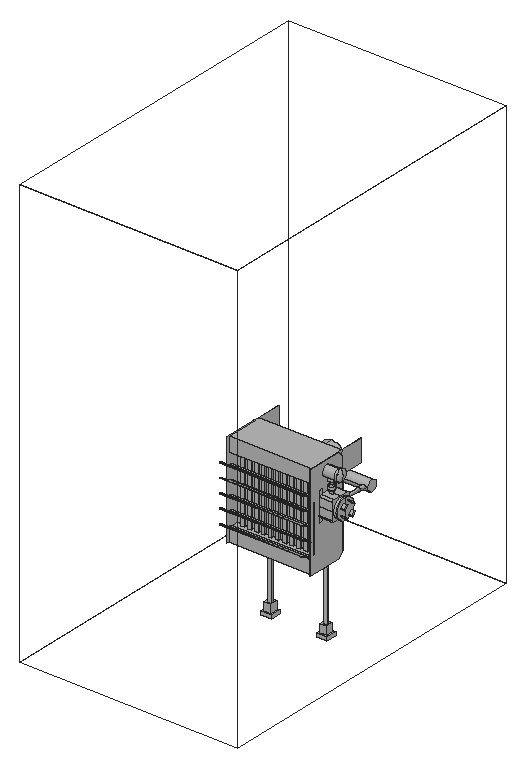
Revit family "Heater-BERKO-Explosion_Proof_Unit", category Mechanical Equipment, host Face, Revit 2020
Family settings
  Host = Face
  Round Connector Dimension = Use Diameter
  Classification = None
  Part Type = Normal
  Cut with Voids When Loaded = No
  Shared = No
  Room Calculation Point = No
Parameters (values of type "RUX-233-FC-0256I")
  Watts = 25000 W
  Wall Mounting [instance] = no
  Clearance On [instance] = yes
  Voltage = 415 V
  Version = "2020 - v1.0a"  # constant formula
  URL = "https://www.marleymep.com/"
  Total Heating Capacity = 85303.0 Btu/h
  Shipping Weight = "216 lbs"
  Product Page URL = "https://www.marleymep.com/products/berko/rux-series-explosion-proof-unit-heater-gen2-new"
  Product Name = "RUX Series Explosion-Proof Unit Heater Gen2"  # constant formula
  Product Documentation Link = "https://www.marleymep.com/system/files/node/file/field-file/Submittal_ExplosionProof-Unit-HEP-B_2024-04-2_v1-Fillable.pdf"
  Power Factor = 1
  Pole Mounting [instance] = Wall Mounting  # no
  Phase = 3
  Number of Poles = 1
  Motor RPM = "1438 RPM"
  Motor HP = 0.5
  Model = "RUX-233-FC-0256I"
  Manufacturer = "Marley® Engineered Products"  # constant formula
  MW Height = 0' - 5"
  MH Height = 1' - 7 1/16"
  Length = 1' - 10 3/4"
  Instruction Sheet Link = "https://www.marleymep.com/system/files/node/file/field-file/Explosion%20Proof%20Unit%20Heater%20Instruction%20Manual_Berko.pdf"
  Height = 2' - 3 3/8"
  Frequency = 50 Hz
  Frame Size 3 = yes
  Frame Size 2 = no
  Frame Size 1 = yes
  Fan Blade Diameter = 1' - 8"
  Description = "Proof Unit Heater"  # constant formula
  Depth = 2' - 0 3/16"
  Default Elevation = 4' - 0"
  Copyright = "© 2015-2024, Marley Engineered Products"  # constant formula
  Classification = "50 Hz Models/Class I, Divisions 1 and 2, Groups C & D/Class II, Divisions 1 and 2, Groups E, F & G/Class I, Zones 1 and 2, Group II"
  Ceiling Mounting [instance] = yes
  Material = Berko - Stainless Steel - Beige
  Built in Opt - Thermostat [instance] = no
  Built in Opt - Disconnect Switch [instance] = no
  Built in Opt - Auto Fan Selector Switch [instance] = yes
  Built in Opt - 120V Control Circuit [instance] = no
  Amps = 36 A
  Air Flow - Throw = 4' - 9"
  Actual Supply Air Flow = 2600 CFM
Reference planes (in)
  plane 1 "Center (Front/Back)": y = 0
  plane 2: z = 0
  plane 3 "Center (Left/Right)": x = 0
  plane 4: y = -27.375
  plane 5: z = 5
  plane 6: x = -9.53125
  plane 7: x = 9.53125
  plane 8: z = 45.375
  plane 9: z = 18
  plane 10: z = 141.375
  plane 11: x = 40.01412
  plane 12: y = -76.57813
  plane 13: y = 19.17187
Forms (in)
  SweptBlend 1, solid, material "Berko - Stainless Steel - Beige" <- "Material", visible <- "Wall Mounting"
    path origin (0, 0, 0) x (0, 1, 0) y (0, 0, 1)
      loop
        line (0, 0) -> (0, 15.41)
    profile origin (0, 0, 0) x (0, -1, 0) y (1, 0, 0)
      loop
        line (-4, -3) -> (0, -3) -> (0, -2.6) -> (-0.07812, -2.6) -> (-0.07812, -2.92187) -> (-3.92187, -2.92187) -> (-3.92187, 2.92187) -> (-0.07812, 2.92187) -> (-0.07812, 2.6) -> (0, 2.6) -> (0, 3) -> (-4, 3) -> (-4, -3)
    end profile origin (0, 0, 15.41) x (0, -1, 0) y (1, 0, 0)
      loop
        line (-2.32, -3) -> (0, -3) -> (0, -2.6) -> (-0.07813, -2.6) -> (-0.07813, -2.92188) -> (-2.24187, -2.92188) -> (-2.24187, 2.92188) -> (-0.07813, 2.92188) -> (-0.07813, 2.6) -> (0, 2.6) -> (0, 3) -> (-2.32, 3) -> (-2.32, -3)
  Extrusion 2, solid, material "Berko - Stainless Steel - Beige" <- "Material", visible <- "Ceiling Mounting"
    sketch origin (-12.0625, -2.5, 0) x (1, 0, 0) y (0, 1, 0)
      loop
        line (0, 4) -> (-3, 4) -> (-3, 1) -> (0, 1) -> (0, 4)
    from 0 to 1
  Extrusion 3, solid, material "Berko - Stainless Steel - Beige" <- "Material", visible <- "Ceiling Mounting"
    sketch origin (-4.03125, 0, 0) x (1, 0, 0) y (0, 1, 0)
      loop
        line (-10.53125, 1) -> (-10.53125, -1) -> (-8.53125, -1) -> (-8.53125, 1) -> (-10.53125, 1)
    from 1 to 3.36477
  Extrusion 4, solid, material "Berko - Stainless Steel - Beige" <- "Material", visible <- "Ceiling Mounting"
    sketch origin (-4.03125, 0, 0) x (1, 0, 0) y (0, 1, 0)
      loop
        circle (-9.53125, 0) r 0.5
    from 0 to 18
  Extrusion 5, solid, material "Berko - Stainless Steel - Beige" <- "Material", visible <- "Ceiling Mounting"
    sketch origin (1, -2.5, 0) x (-1, 0, 0) y (0, -1, 0)
      loop
        line (0, -4) -> (0, -1) -> (-3, -1) -> (-3, -4) -> (0, -4)
    from 0 to 1
  Extrusion 6, solid, material "Berko - Stainless Steel - Beige" <- "Material", visible <- "Ceiling Mounting"
    sketch origin (-7.03125, 0, 0) x (-1, 0, 0) y (0, -1, 0)
      loop
        line (-10.53125, -1) -> (-8.53125, -1) -> (-8.53125, 1) -> (-10.53125, 1) -> (-10.53125, -1)
    from 1 to 3.36477
  Extrusion 7, solid, material "Berko - Stainless Steel - Beige" <- "Material", visible <- "Ceiling Mounting"
    sketch origin (-7.03125, 0, 0) x (-1, 0, 0) y (0, -1, 0)
      loop
        circle (-9.53125, 0) r 0.5
    from 0 to 18
Cuts and joins
  joined: Extrusion 2, Extrusion 3, Extrusion 4
Dimensions and locks (in)
  SweptBlend 1 sketch curve to SweptBlend 1 sketch curve to SweptBlend 1 sketch curve to SweptBlend 1 sketch curve to SweptBlend 1 sketch curve = 0' - 0 5/64" locked, 0' - 0.32187" locked, 0' - 5.2", 0' - 0.32187" locked
  SweptBlend 1 sketch curve to SweptBlend 1 sketch curve to SweptBlend 1 sketch curve to SweptBlend 1 sketch curve = 0' - 0" locked, 0' - 3 27/32" locked, 0' - 0 5/64" locked
  SweptBlend 1 sketch curve to SweptBlend 1 sketch curve to SweptBlend 1 sketch curve to SweptBlend 1 sketch curve to SweptBlend 1 sketch curve to SweptBlend 1 sketch curve = 0' - 0 5/64" locked, 0' - 0.32188" locked, 0' - 5.2", 0' - 0.32188" locked, 0' - 0 5/64" locked
  SweptBlend 1 sketch curve to SweptBlend 1 sketch curve to SweptBlend 1 sketch curve to SweptBlend 1 sketch curve = 0' - 0 5/64" locked, 0' - 2.16375" locked, 0' - 0" locked
  "MW Height": host face to plane 5
  "Depth": nested 1 to plane 5
  "Height": plane 4 to plane 1 "Center (Front/Back)"
  plane 6 to Extrusion 4 sketch curve = 0' - 4 1/32"
  Extrusion 7 sketch curve to plane 7 = 0' - 7 1/32"
  equal spacing: plane 6, plane 3 "Center (Left/Right)", plane 7
  "MH Height": plane 6 to plane 7
  "Height": plane 9 to plane 8
  locked: host face to plane 9 at 18
  locked: plane 10 to plane 8 at 96
  locked: plane 1 "Center (Front/Back)" to plane 12 at 76.57812
  locked: plane 13 to plane 1 "Center (Front/Back)" at 19.17187
  locked: plane 11 to nested 2 at 32
  aligned and locked: plane 2 to host face
  aligned and locked: level to host face
  aligned and locked: plane 5 to nested 1
  aligned and locked: nested 1 to plane 1 "Center (Front/Back)"
  aligned and locked: Extrusion 3 to Extrusion 2
  aligned and locked: Extrusion 5 to Extrusion 6
Automatic sketch dimensions
  host sketch curve to host sketch curve = 8' - 0"  (x2)
  SweptBlend 1 sketch curve to plane 1 "Center (Front/Back)" = 0' - 0"
  SweptBlend 1 sketch curve to level = 0' - 0"
  SweptBlend 1 sketch curve to plane 5 = 0' - 10.41"
  SweptBlend 1 sketch curve to profile plane = 0' - 0"  (x4)
  profile plane to SweptBlend 1 sketch curve = 0' - 0 5/64"  (x2)
  SweptBlend 1 sketch curve to profile plane = 0' - 3"  (x2)
  SweptBlend 1 sketch curve to SweptBlend 1 sketch curve = 0' - 0 5/64"
  Extrusion 2 sketch curve to plane 6 = 0' - 5 17/32"
  Extrusion 2 sketch curve to plane 6 = 0' - 2 17/32"
  plane 1 "Center (Front/Back)" to Extrusion 2 sketch curve = 0' - 1 1/2"
  Extrusion 2 sketch curve to plane 1 "Center (Front/Back)" = 0' - 1 1/2"
  Extrusion 3 sketch curve to plane 6 = 0' - 5 1/32"
  Extrusion 3 sketch curve to plane 6 = 0' - 3 1/32"
  plane 1 "Center (Front/Back)" to Extrusion 3 sketch curve = 0' - 1"
  Extrusion 3 sketch curve to plane 1 "Center (Front/Back)" = 0' - 1"
  plane 1 "Center (Front/Back)" to Extrusion 4 sketch curve = 0' - 0"
  Extrusion 5 sketch curve to plane 7 = 0' - 5 17/32"
  Extrusion 5 sketch curve to plane 7 = 0' - 8 17/32"
  Extrusion 5 sketch curve to plane 1 "Center (Front/Back)" = 0' - 1 1/2"
  plane 1 "Center (Front/Back)" to Extrusion 5 sketch curve = 0' - 1 1/2"
  Extrusion 6 sketch curve to plane 7 = 0' - 6 1/32"
  Extrusion 6 sketch curve to plane 7 = 0' - 8 1/32"
  Extrusion 6 sketch curve to plane 1 "Center (Front/Back)" = 0' - 1"
  plane 1 "Center (Front/Back)" to Extrusion 6 sketch curve = 0' - 1"
  plane 1 "Center (Front/Back)" to Extrusion 7 sketch curve = 0' - 0"
  radius of Extrusion 4 sketch curve = 0' - 0 1/2"
  radius of Extrusion 7 sketch curve = 0' - 0 1/2"
Nested families (in)
  nested 1: "Unit_Heater" at (-17.17187, -27.375, 29.1875) x (1, 0, 0) z (0, 1, 0), visible <- "Wall Mounting", X Side View <- "Length", Y Front View <- "Height", Z Front View <- "Depth", Frame Size 1 <- "Frame Size 1", Frame Size 2 <- "Frame Size 2", Frame Size 3 <- "Frame Size 3", Wall Mount  Clearance On <- "Clearance On", type "Frame Size 1"
    with Z Front View 2' - 0 3/16", Y Front View 2' - 3 3/8", X Side View 1' - 10 3/4", Wall Mount  Clearance On yes, Frame Size 3 yes, Frame Size 2 no, Frame Size 1 yes, C_ X Side View 0' - 11 13/32"
  nested 2: "Unit_Heater" at (2.5, 17.17187, 45.375) x (0, -1, 0) z (0, 0, -1), X Side View <- "Length", Y Front View <- "Height", Z Front View <- "Depth", visible <- "Ceiling Mounting", Frame Size 1 <- "Frame Size 1", Frame Size 2 <- "Frame Size 2", Frame Size 3 <- "Frame Size 3", Wall Mount  Clearance On <- "Clearance On", type "Frame Size 1"
    with Z Front View 2' - 0 3/16", Y Front View 2' - 3 3/8", X Side View 1' - 10 3/4", Wall Mount  Clearance On yes, Frame Size 3 yes, Frame Size 2 no, Frame Size 1 yes, C_ X Side View 0' - 11 13/32"
Connectors (in)
  electrical at (0, 0, 0)
    settings: index 1, voltage 0 V, apparent load 0 VA, apparent load phase1 0 VA, apparent load phase2 0 VA, apparent load phase3 0 VA, power factor 1, load classification "HVAC", number of poles 1, system type 31, power factor state 1, is connector primary yes, connector utility no, sub classification motor no, connector description ""
Definition of nested family "Unit_Heater"
  Parameters (values of type "Frame Size 1")
    Z Front View [instance] = 1' - 4 1/16"
    Y Front View [instance] = 1' - 7 3/8"
    X Side View [instance] = 1' - 9 3/4"
    Wall Mount  Clearance On [instance] = yes
    Materials = none
    Frame Size 3 [instance] = no
    Frame Size 2 [instance] = no
    Frame Size 1 [instance] = yes
    Default Elevation = 4' - 0"
    C_ X Side View [instance] = X Side View - 0' 11 11/32"  # 0' - 10 13/32"
  Reference planes (in)
    plane 1 "Center (Front/Back)": y = 0
    plane 2: z = 0
    plane 3 "Center (Left/Right)": x = 0
    plane 4: x = 21.75
    plane 5: y = 16.0625
    plane 6: z = 19.375
    plane 7: y = -6.75
    plane 8: x = 11.34375
    plane 9: y = 18.0625
    plane 10: y = -36.75
    plane 11: z = -96
    plane 12: x = -2
    plane 13: x = 93.75
  Forms (in)
    Extrusion 1, solid
      sketch origin (0, 0, 0) x (1, 0, 0) y (0, 1, 0)
        loop
          line (-48, 48) -> (-48, -48) -> (48, -48) -> (48, 48) -> (-48, 48)
      from 0 to -12
    Extrusion 2, solid, material <- "Materials", detail levels fine
      sketch origin (-261.40257, 12, -3.62552) x (1, 0, 0) y (0, 0, 1)
        loop
          line (283.15257, 3.62552) -> (283.15257, 23.00052) -> (273.99632, 23.00052) -> (272.74632, 21.75052) -> (272.74632, 4.88034) -> (273.99632, 3.62552) -> (283.15257, 3.62552)
      from 11.875 to 12
    Extrusion 3, solid, material <- "Materials", detail levels fine
      sketch origin (-261.40257, 27.9375, -3.62552) x (1, 0, 0) y (0, 0, 1)
        loop
          line (283.15257, 3.62552) -> (283.15257, 23.00052) -> (273.99632, 23.00052) -> (272.74632, 21.75052) -> (272.74632, 4.88034) -> (273.99632, 3.62552) -> (283.15257, 3.62552)
      from 11.875 to 12
    Extrusion 4, solid, material <- "Materials", detail levels fine
      sketch origin (10.8798, 0, 0) x (1, 0, 0) y (0, 0, 1)
        loop
          line (1.71395, 19.375) -> (0.46395, 18.125) -> (0.46395, 0) -> (10.3702, 0) -> (10.3702, 3.95031) -> (8.8702, 4.95031) -> (7.3702, 4.95031) -> (7.3702, 15.425) -> (10.3702, 15.425) -> (10.3702, 19.375) -> (1.71395, 19.375)
      from -15.9375 to -0.125
    Extrusion 5, solid, material <- "Materials", visible <- "Frame Size 1", detail levels fine
      sketch origin (10.8798, 0, -3.95) x (1, 0, 0) y (0, 0, 1)
        loop
          line (10.3702, 15.175) -> (9.8702, 15.175) -> (9.8702, 15.05) -> (10.3702, 15.05) -> (13.46556, 13.26289) -> (13.46556, 13.38789) -> (10.3702, 15.175)
      from -15.9375 to -0.125
    Extrusion 6, solid, material <- "Materials", visible <- "Frame Size 1", detail levels fine
      sketch origin (10.8798, 0, -7.9) x (1, 0, 0) y (0, 0, 1)
        loop
          line (10.3702, 15.175) -> (9.8702, 15.175) -> (9.8702, 15.05) -> (10.3702, 15.05) -> (13.46556, 13.26289) -> (13.46556, 13.38789) -> (10.3702, 15.175)
      from -15.9375 to -0.125
    Extrusion 7, solid, material <- "Materials", visible <- "Frame Size 1", detail levels fine
      sketch origin (10.8798, 0, 4) x (1, 0, 0) y (0, 0, 1)
        loop
          line (10.3702, 11.175) -> (9.8702, 11.175) -> (9.8702, 11.05) -> (10.3702, 11.05) -> (13.46556, 9.26289) -> (13.46556, 9.38789) -> (10.3702, 11.175)
      from -15.9375 to -0.125
    Extrusion 8, solid, material <- "Materials", visible <- "Frame Size 2", detail levels fine
      sketch origin (10.8798, 0, 12) x (1, 0, 0) y (0, 0, 1)
        loop
          line (10.3702, 3.175) -> (9.8702, 3.175) -> (9.8702, 3.05) -> (10.3702, 3.05) -> (13.46556, 1.26289) -> (13.46556, 1.38789) -> (10.3702, 3.175)
      from -20.0625 to -0.125
    Extrusion 9, solid, material <- "Materials", visible <- "Frame Size 3", detail levels fine
      sketch origin (10.8798, 0, -20.05) x (1, 0, 0) y (0, 0, 1)
        loop
          line (10.3702, 31.175) -> (9.8702, 31.175) -> (9.8702, 31.05) -> (10.3702, 31.05) -> (13.46556, 29.26289) -> (13.46556, 29.38789) -> (10.3702, 31.175)
      from -24.0625 to -0.125
    Extrusion 10, solid, material <- "Materials", detail levels fine
      sketch origin (10.8798, 0.5, 0) x (1, 0, 0) y (0, 1, 0)
        loop
          line (7.3702, 1.125) -> (8.1202, 0.625) -> (8.1202, 1.625) -> (7.3702, 2.125) -> (7.3702, 1.125)
      from 4.95031 to 15.425
    Extrusion 11, solid, material <- "Materials", detail levels fine
      sketch origin (10.8798, 2.5, 0) x (1, 0, 0) y (0, 1, 0)
        loop
          line (7.3702, 1.125) -> (8.1202, 0.625) -> (8.1202, 1.625) -> (7.3702, 2.125) -> (7.3702, 1.125)
      from 4.95031 to 15.425
    Extrusion 12, solid, material <- "Materials", detail levels fine
      sketch origin (10.8798, 4.5, 0) x (1, 0, 0) y (0, 1, 0)
        loop
          line (7.3702, 1.125) -> (8.1202, 0.625) -> (8.1202, 1.625) -> (7.3702, 2.125) -> (7.3702, 1.125)
      from 4.95031 to 15.425
    Extrusion 13, solid, material <- "Materials", detail levels fine
      sketch origin (10.8798, 6.5, 0) x (1, 0, 0) y (0, 1, 0)
        loop
          line (7.3702, 1.125) -> (8.1202, 0.625) -> (8.1202, 1.625) -> (7.3702, 2.125) -> (7.3702, 1.125)
      from 4.95031 to 15.425
    Extrusion 14, solid, material <- "Materials", detail levels fine
      sketch origin (10.8798, 8.5, 0) x (1, 0, 0) y (0, 1, 0)
        loop
          line (7.3702, 1.125) -> (8.1202, 0.625) -> (8.1202, 1.625) -> (7.3702, 2.125) -> (7.3702, 1.125)
      from 4.95031 to 15.425
    Extrusion 15, solid, material <- "Materials", detail levels fine
      sketch origin (10.8798, 10.5, 0) x (1, 0, 0) y (0, 1, 0)
        loop
          line (7.3702, 1.125) -> (8.1202, 0.625) -> (8.1202, 1.625) -> (7.3702, 2.125) -> (7.3702, 1.125)
      from 4.95031 to 15.425
    Extrusion 16, solid, material <- "Materials", detail levels fine
      sketch origin (10.8798, 12.5, 0) x (1, 0, 0) y (0, 1, 0)
        loop
          line (7.3702, 1.125) -> (8.1202, 0.625) -> (8.1202, 1.625) -> (7.3702, 2.125) -> (7.3702, 1.125)
      from 4.95031 to 15.425
    Extrusion 17, solid, material <- "Materials", visible <- "Frame Size 3", detail levels fine
      sketch origin (10.8798, 2.5, -8) x (1, 0, 0) y (0, 1, 0)
        loop
          line (8.3702, 9.25) -> (9.1202, 8.75) -> (9.1202, 9.75) -> (8.3702, 10.25) -> (8.3702, 9.25)
      from 4.95031 to 23.425
    Extrusion 18, solid, material <- "Materials", visible <- "Frame Size 3", detail levels fine
      sketch origin (10.8798, 20.75, -8) x (1, 0, 0) y (0, 1, 0)
        loop
          line (8.3702, -11.125) -> (9.1202, -11.625) -> (9.1202, -10.625) -> (8.3702, -10.125) -> (8.3702, -11.125)
      from 4.95031 to 23.425
    Extrusion 19, solid, material <- "Materials", visible <- "Frame Size 3", detail levels fine
      sketch origin (10.8798, 8.5, -8) x (1, 0, 0) y (0, 1, 0)
        loop
          line (8.3702, 5.25) -> (9.1202, 4.75) -> (9.1202, 5.75) -> (8.3702, 6.25) -> (8.3702, 5.25)
      from 4.95031 to 23.425
    Extrusion 20, solid, material <- "Materials", visible <- "Frame Size 3", detail levels fine
      sketch origin (10.8798, 14.625, -8) x (1, 0, 0) y (0, 1, 0)
        loop
          line (8.3702, 1.125) -> (9.1202, 0.625) -> (9.1202, 1.625) -> (8.3702, 2.125) -> (8.3702, 1.125)
      from 4.95031 to 23.425
    Extrusion 21, solid, visible <- "Frame Size 2", detail levels fine
      sketch origin (10.8798, 8.5, 0) x (1, 0, 0) y (0, 1, 0)
        loop
          line (7.3702, 1.125) -> (8.1202, 0.625) -> (8.1202, 1.625) -> (7.3702, 2.125) -> (7.3702, 1.125)
      from 4.95031 to 15.425
    Extrusion 22, solid, visible <- "Frame Size 2", detail levels fine
      sketch origin (10.8798, 10.625, -4) x (1, 0, 0) y (0, 1, 0)
        loop
          line (7.3702, 1.125) -> (8.1202, 0.625) -> (8.1202, 1.625) -> (7.3702, 2.125) -> (7.3702, 1.125)
      from 4.95031 to 19.425
    Extrusion 23, solid, material <- "Materials", detail levels fine
      sketch origin (10.875, 0.21875, 0) x (0, 1, 0) y (0, 0, 1)
        loop
          line (0.5, 18.125) -> (0.125, 18.125) -> (0.125, 2.5) -> (0.5, 2.5) -> (0.5, 18.125)
      from 0 to 0.46875
    Extrusion 24, solid, material <- "Materials", detail levels fine
      sketch origin (10.875, 0.96875, 0) x (0, 1, 0) y (0, 0, 1)
        loop
          line (0.5, 18.125) -> (0.125, 18.125) -> (0.125, 2.5) -> (0.5, 2.5) -> (0.5, 18.125)
      from 0 to 0.46875
    Extrusion 25, solid, material <- "Materials", detail levels fine
      sketch origin (10.875, 1.71875, 0) x (0, 1, 0) y (0, 0, 1)
        loop
          line (0.5, 18.125) -> (0.125, 18.125) -> (0.125, 2.5) -> (0.5, 2.5) -> (0.5, 18.125)
      from 0 to 0.46875
    Extrusion 26, solid, material <- "Materials", detail levels fine
      sketch origin (10.875, 2.46875, 0) x (0, 1, 0) y (0, 0, 1)
        loop
          line (0.5, 18.125) -> (0.125, 18.125) -> (0.125, 2.5) -> (0.5, 2.5) -> (0.5, 18.125)
      from 0 to 0.46875
    Extrusion 27, solid, material <- "Materials", detail levels fine
      sketch origin (10.875, 3.21875, 0) x (0, 1, 0) y (0, 0, 1)
        loop
          line (0.5, 18.125) -> (0.125, 18.125) -> (0.125, 2.5) -> (0.5, 2.5) -> (0.5, 18.125)
      from 0 to 0.46875
    Extrusion 28, solid, material <- "Materials", detail levels fine
      sketch origin (10.875, 3.96875, 0) x (0, 1, 0) y (0, 0, 1)
        loop
          line (0.5, 18.125) -> (0.125, 18.125) -> (0.125, 2.5) -> (0.5, 2.5) -> (0.5, 18.125)
      from 0 to 0.46875
    Extrusion 29, solid, material <- "Materials", detail levels fine
      sketch origin (10.875, 4.71875, 0) x (0, 1, 0) y (0, 0, 1)
        loop
          line (0.5, 18.125) -> (0.125, 18.125) -> (0.125, 2.5) -> (0.5, 2.5) -> (0.5, 18.125)
      from 0 to 0.46875
    Extrusion 30, solid, material <- "Materials", detail levels fine
      sketch origin (10.875, 5.46875, 0) x (0, 1, 0) y (0, 0, 1)
        loop
          line (0.5, 18.125) -> (0.125, 18.125) -> (0.125, 2.5) -> (0.5, 2.5) -> (0.5, 18.125)
      from 0 to 0.46875
    Extrusion 31, solid, material <- "Materials", detail levels fine
      sketch origin (10.875, 6.21875, 0) x (0, 1, 0) y (0, 0, 1)
        loop
          line (0.5, 18.125) -> (0.125, 18.125) -> (0.125, 2.5) -> (0.5, 2.5) -> (0.5, 18.125)
      from 0 to 0.46875
    Extrusion 32, solid, material <- "Materials", detail levels fine
      sketch origin (10.875, 6.96875, 0) x (0, 1, 0) y (0, 0, 1)
        loop
          line (0.5, 18.125) -> (0.125, 18.125) -> (0.125, 2.5) -> (0.5, 2.5) -> (0.5, 18.125)
      from 0 to 0.46875
    Extrusion 33, solid, material <- "Materials", visible <- "Frame Size 3", detail levels fine
      sketch origin (10.875, 7.71875, 0) x (0, 1, 0) y (0, 0, 1)
        loop
          line (0.5, 18.125) -> (0.125, 18.125) -> (0.125, 2.5) -> (0.5, 2.5) -> (0.5, 18.125)
      from 0 to 0.46875
    Extrusion 34, solid, material <- "Materials", detail levels fine
      sketch origin (10.875, 8.46875, 0) x (0, 1, 0) y (0, 0, 1)
        loop
          line (0.5, 18.125) -> (0.125, 18.125) -> (0.125, 2.5) -> (0.5, 2.5) -> (0.5, 18.125)
      from 0 to 0.46875
    Extrusion 35, solid, material <- "Materials", detail levels fine
      sketch origin (10.875, 9.21875, 0) x (0, 1, 0) y (0, 0, 1)
        loop
          line (0.5, 18.125) -> (0.125, 18.125) -> (0.125, 2.5) -> (0.5, 2.5) -> (0.5, 18.125)
      from 0 to 0.46875
    Extrusion 36, solid, material <- "Materials", detail levels fine
      sketch origin (10.875, 9.96875, 0) x (0, 1, 0) y (0, 0, 1)
        loop
          line (0.5, 18.125) -> (0.125, 18.125) -> (0.125, 2.5) -> (0.5, 2.5) -> (0.5, 18.125)
      from 0 to 0.46875
    Extrusion 37, solid, material <- "Materials", detail levels fine
      sketch origin (10.875, 10.71875, 0) x (0, 1, 0) y (0, 0, 1)
        loop
          line (0.5, 18.125) -> (0.125, 18.125) -> (0.125, 2.5) -> (0.5, 2.5) -> (0.5, 18.125)
      from 0 to 0.46875
    Extrusion 38, solid, material <- "Materials", detail levels fine
      sketch origin (10.875, 11.46875, 0) x (0, 1, 0) y (0, 0, 1)
        loop
          line (0.5, 18.125) -> (0.125, 18.125) -> (0.125, 2.5) -> (0.5, 2.5) -> (0.5, 18.125)
      from 0 to 0.46875
    Extrusion 39, solid, material <- "Materials", detail levels fine
      sketch origin (10.875, 12.21875, 0) x (0, 1, 0) y (0, 0, 1)
        loop
          line (0.5, 18.125) -> (0.125, 18.125) -> (0.125, 2.5) -> (0.5, 2.5) -> (0.5, 18.125)
      from 0 to 0.46875
    Extrusion 40, solid, material <- "Materials", detail levels fine
      sketch origin (10.875, 12.96875, 0) x (0, 1, 0) y (0, 0, 1)
        loop
          line (0.5, 18.125) -> (0.125, 18.125) -> (0.125, 2.5) -> (0.5, 2.5) -> (0.5, 18.125)
      from 0 to 0.46875
    Extrusion 41, solid, material <- "Materials", detail levels fine
      sketch origin (10.875, 13.71875, 0) x (0, 1, 0) y (0, 0, 1)
        loop
          line (0.5, 18.125) -> (0.125, 18.125) -> (0.125, 2.5) -> (0.5, 2.5) -> (0.5, 18.125)
      from 0 to 0.46875
    Extrusion 42, solid, material <- "Materials", detail levels fine
      sketch origin (10.875, 14.46875, 0) x (0, 1, 0) y (0, 0, 1)
        loop
          line (0.5, 18.125) -> (0.125, 18.125) -> (0.125, 2.5) -> (0.5, 2.5) -> (0.5, 18.125)
      from 0 to 0.46875
    Extrusion 43, solid, material <- "Materials", detail levels fine
      sketch origin (10.875, 15.21875, 0) x (0, 1, 0) y (0, 0, 1)
        loop
          line (0.5, 18.125) -> (0.125, 18.125) -> (0.125, 2.5) -> (0.5, 2.5) -> (0.5, 18.125)
      from 0 to 0.46875
    Extrusion 44, solid, material <- "Materials", visible <- "Frame Size 3", detail levels fine
      sketch origin (10.875, 8.46875, 0) x (0, 1, 0) y (0, 0, 1)
        loop
          line (0.5, 18.125) -> (0.125, 18.125) -> (0.125, 2.5) -> (0.5, 2.5) -> (0.5, 18.125)
      from 0 to 0.46875
    Extrusion 45, solid, material <- "Materials", visible <- "Frame Size 3", detail levels fine
      sketch origin (10.875, 9.21875, 0) x (0, 1, 0) y (0, 0, 1)
        loop
          line (0.5, 18.125) -> (0.125, 18.125) -> (0.125, 2.5) -> (0.5, 2.5) -> (0.5, 18.125)
      from 0 to 0.46875
    Extrusion 46, solid, material <- "Materials", visible <- "Frame Size 3", detail levels fine
      sketch origin (10.875, 9.96875, 0) x (0, 1, 0) y (0, 0, 1)
        loop
          line (0.5, 18.125) -> (0.125, 18.125) -> (0.125, 2.5) -> (0.5, 2.5) -> (0.5, 18.125)
      from 0 to 0.46875
    Extrusion 47, solid, material <- "Materials", visible <- "Frame Size 3", detail levels fine
      sketch origin (10.875, 10.71875, 0) x (0, 1, 0) y (0, 0, 1)
        loop
          line (0.5, 18.125) -> (0.125, 18.125) -> (0.125, 2.5) -> (0.5, 2.5) -> (0.5, 18.125)
      from 0 to 0.46875
    Extrusion 48, solid, material <- "Materials", visible <- "Frame Size 3", detail levels fine
      sketch origin (10.875, 11.46875, 0) x (0, 1, 0) y (0, 0, 1)
        loop
          line (0.5, 18.125) -> (0.125, 18.125) -> (0.125, 2.5) -> (0.5, 2.5) -> (0.5, 18.125)
      from 0 to 0.46875
    Extrusion 49, solid, material <- "Materials"
      sketch origin (-1.35704, 0, 0) x (0, 1, 0) y (0, 0, 1)
        loop
          line (15.9375, 0) -> (15.9375, 6.26172) -> (0.125, 6.26172) -> (0.125, 0) -> (0.25, 0) -> (0.25, 6.13672) -> (15.8125, 6.13672) -> (15.8125, 0) -> (15.9375, 0)
      from 5.70079 to 12.70079
    Revolve 50, solid, material <- "Materials"
      sketch origin (16.54688, -298.5676, -6.15718) x (0, 1, 0) y (0, 0, 1)
        loop
          line (293.05348, 19.64725) -> (293.05348, 16.76052) -> (294.43507, 16.76052) -> (294.43507, 19.51052) -> (293.40199, 19.51052) -> (293.40199, 19.64725) -> (293.05348, 19.64725)
        axis (293.05348, 16.76052) -> (294.43507, 16.76052)
      angle from 0 to 360
    Extrusion 51, solid, material <- "Materials"
      sketch origin (10.8798, 0, 0.5) x (1, 0, 0) y (0, 0, 1)
        loop
          line (2.78035, 10.10334) -> (2.78035, 7.71661)
          arc (2.78035, 7.71661) -> (2.9268, 7.36306) -> (3.28035, 7.21661) r 0.5
          line (3.28035, 7.21661) -> (5.66707, 7.21661) -> (8.0538, 7.21661)
          arc (8.0538, 7.21661) -> (8.40735, 7.36306) -> (8.5538, 7.71661) r 0.5
          line (8.5538, 7.71661) -> (8.5538, 10.10334) -> (8.5538, 12.49006)
          arc (8.5538, 12.49006) -> (8.40735, 12.84362) -> (8.0538, 12.99006) r 0.5
          line (8.0538, 12.99006) -> (5.66707, 12.99006) -> (3.28035, 12.99006)
          arc (3.28035, 12.99006) -> (2.9268, 12.84362) -> (2.78035, 12.49006) r 0.5
          line (2.78035, 12.49006) -> (2.78035, 10.10334)
      from 0 to 4.13252
    Extrusion 52, solid, material <- "Materials", detail levels fine
      sketch origin (10.8798, 0, 0.5) x (1, 0, 0) y (0, 0, 1)
        loop
          arc (2.78035, 12.49006) -> (2.9268, 12.84362) -> (3.28035, 12.99006) r 0.5
          line (3.28035, 12.99006) -> (3.78035, 12.99006) -> (3.78035, 14.24006) -> (3.40522, 14.24006) -> (3.40522, 13.74006) -> (3.15548, 13.74006) -> (3.15548, 14.24006) -> (2.78035, 14.24006) -> (2.78035, 12.49006)
      from 0 to 0.27445
    Extrusion 53, solid, material <- "Materials", detail levels fine
      sketch origin (22.21395, 0, 0.5) x (-1, 0, 0) y (0, 0, -1)
        loop
          line (2.78035, -12.49006) -> (2.78035, -14.24006) -> (3.15548, -14.24006) -> (3.15548, -13.74006) -> (3.40522, -13.74006) -> (3.40522, -14.24006) -> (3.78035, -14.24006) -> (3.78035, -12.99006) -> (3.28035, -12.99006)
          arc (3.28035, -12.99006) -> (2.9268, -12.84362) -> (2.78035, -12.49006) r 0.5
      from 0 to 0.27445
    Extrusion 54, solid, material <- "Materials", detail levels fine
      sketch origin (10.8798, 0, 20.70668) x (1, 0, 0) y (0, 0, 1)
        loop
          line (2.78035, -12.49006) -> (2.78035, -14.24006) -> (3.15548, -14.24006) -> (3.15548, -13.74006) -> (3.40522, -13.74006) -> (3.40522, -14.24006) -> (3.78035, -14.24006) -> (3.78035, -12.99006) -> (3.28035, -12.99006)
          arc (3.28035, -12.99006) -> (2.9268, -12.84362) -> (2.78035, -12.49006) r 0.5
      from 0 to 0.27445
    Extrusion 55, solid, material <- "Materials", detail levels fine
      sketch origin (22.21395, 0, 20.70668) x (-1, 0, 0) y (0, 0, -1)
        loop
          arc (2.78035, 12.49006) -> (2.9268, 12.84362) -> (3.28035, 12.99006) r 0.5
          line (3.28035, 12.99006) -> (3.78035, 12.99006) -> (3.78035, 14.24006) -> (3.40522, 14.24006) -> (3.40522, 13.74006) -> (3.15548, 13.74006) -> (3.15548, 14.24006) -> (2.78035, 14.24006) -> (2.78035, 12.49006)
      from 0 to 0.27445
    Revolve 56, solid, material <- "Materials"
      sketch origin (16.54688, -218.32343, -6.62162) x (0, 1, 0) y (0, 0, 1)
        loop
          line (216.24711, 15.45721) -> (216.24711, 13.6975) -> (216.07979, 13.6975) -> (216.07979, 13.1975) -> (215.82979, 13.1975) -> (215.82979, 12.6975) -> (216.17639, 12.6975) -> (216.17639, 12.1975) -> (216.32979, 12.1975) -> (216.32979, 11.03952) -> (215.82979, 11.03952) -> (215.82979, 9.61326) -> (216.74711, 9.61326) -> (216.74711, 15.45721) -> (216.24711, 15.45721)
        axis (216.74711, 9.61326) -> (216.74711, 15.45721)
      angle from 0 to 360
    Revolve 57, solid, material <- "Materials"
      sketch origin (16.54688, -218.32343, -6.62162) x (0, 1, 0) y (0, 0, 1)
        loop
          line (214.63408, 7.43421) -> (214.63408, 7.61042) -> (218.32343, 7.61042) -> (218.32343, 9.11919) -> (213.4769, 9.11919)
          arc (213.4769, 9.11919) -> (213.63874, 8.23294) -> (214.05549, 7.43421) r 3.01152
          line (214.05549, 7.43421) -> (214.63408, 7.43421)
        axis (213.4769, 9.11919) -> (218.32343, 9.11919)
      angle from 0 to 360
    Revolve 58, solid, material <- "Materials", not visible
      sketch origin (5.66707, -298.5676, -6.65718) x (0, 1, 0) y (0, 0, 1)
        loop
          line (293.05348, 19.64725) -> (293.05348, 16.76052) -> (294.43507, 16.76052) -> (294.43507, 19.51052) -> (293.40199, 19.51052) -> (293.40199, 19.64725) -> (293.05348, 19.64725)
        axis (293.05348, 16.76052) -> (294.43507, 16.76052)
      angle from 0 to 360
    Extrusion 59, solid, material <- "Materials", not visible
      sketch origin (0, 0, 0) x (1, 0, 0) y (0, 0, 1)
        loop
          line (2.78035, 10.10334) -> (2.78035, 7.71661)
          arc (2.78035, 7.71661) -> (2.9268, 7.36306) -> (3.28035, 7.21661) r 0.5
          line (3.28035, 7.21661) -> (5.66707, 7.21661) -> (8.0538, 7.21661)
          arc (8.0538, 7.21661) -> (8.40735, 7.36306) -> (8.5538, 7.71661) r 0.5
          line (8.5538, 7.71661) -> (8.5538, 10.10334) -> (8.5538, 12.49006)
          arc (8.5538, 12.49006) -> (8.40735, 12.84362) -> (8.0538, 12.99006) r 0.5
          line (8.0538, 12.99006) -> (5.66707, 12.99006) -> (3.28035, 12.99006)
          arc (3.28035, 12.99006) -> (2.9268, 12.84362) -> (2.78035, 12.49006) r 0.5
          line (2.78035, 12.49006) -> (2.78035, 10.10334)
      from 0 to 4.13252
    Extrusion 60, solid, material <- "Materials", not visible, detail levels fine
      sketch origin (0, 0, 0) x (1, 0, 0) y (0, 0, 1)
        loop
          arc (2.78035, 12.49006) -> (2.9268, 12.84362) -> (3.28035, 12.99006) r 0.5
          line (3.28035, 12.99006) -> (3.78035, 12.99006) -> (3.78035, 14.24006) -> (3.40522, 14.24006) -> (3.40522, 13.74006) -> (3.15548, 13.74006) -> (3.15548, 14.24006) -> (2.78035, 14.24006) -> (2.78035, 12.49006)
      from 0 to 0.27445
    Extrusion 61, solid, material <- "Materials", not visible, detail levels fine
      sketch origin (11.33415, 0, 0) x (-1, 0, 0) y (0, 0, -1)
        loop
          line (2.78035, -12.49006) -> (2.78035, -14.24006) -> (3.15548, -14.24006) -> (3.15548, -13.74006) -> (3.40522, -13.74006) -> (3.40522, -14.24006) -> (3.78035, -14.24006) -> (3.78035, -12.99006) -> (3.28035, -12.99006)
          arc (3.28035, -12.99006) -> (2.9268, -12.84362) -> (2.78035, -12.49006) r 0.5
      from 0 to 0.27445
    Extrusion 62, solid, material <- "Materials", not visible, detail levels fine
      sketch origin (0, 0, 20.20668) x (1, 0, 0) y (0, 0, 1)
        loop
          line (2.78035, -12.49006) -> (2.78035, -14.24006) -> (3.15548, -14.24006) -> (3.15548, -13.74006) -> (3.40522, -13.74006) -> (3.40522, -14.24006) -> (3.78035, -14.24006) -> (3.78035, -12.99006) -> (3.28035, -12.99006)
          arc (3.28035, -12.99006) -> (2.9268, -12.84362) -> (2.78035, -12.49006) r 0.5
      from 0 to 0.27445
    Extrusion 63, solid, material <- "Materials", not visible, detail levels fine
      sketch origin (11.33415, 0, 20.20668) x (-1, 0, 0) y (0, 0, -1)
        loop
          arc (2.78035, 12.49006) -> (2.9268, 12.84362) -> (3.28035, 12.99006) r 0.5
          line (3.28035, 12.99006) -> (3.78035, 12.99006) -> (3.78035, 14.24006) -> (3.40522, 14.24006) -> (3.40522, 13.74006) -> (3.15548, 13.74006) -> (3.15548, 14.24006) -> (2.78035, 14.24006) -> (2.78035, 12.49006)
      from 0 to 0.27445
    Revolve 64, solid, material <- "Materials", not visible
      sketch origin (5.66707, -218.32343, -7.12162) x (0, 1, 0) y (0, 0, 1)
        loop
          line (216.24711, 15.45721) -> (216.24711, 13.6975) -> (216.07979, 13.6975) -> (216.07979, 13.1975) -> (215.82979, 13.1975) -> (215.82979, 12.6975) -> (216.17639, 12.6975) -> (216.17639, 12.1975) -> (216.32979, 12.1975) -> (216.32979, 11.03952) -> (215.82979, 11.03952) -> (215.82979, 9.61326) -> (216.74711, 9.61326) -> (216.74711, 15.45721) -> (216.24711, 15.45721)
        axis (216.74711, 9.61326) -> (216.74711, 15.45721)
      angle from 0 to 360
    Revolve 65, solid, material <- "Materials", not visible
      sketch origin (5.66707, -218.32343, -7.12162) x (0, 1, 0) y (0, 0, 1)
        loop
          line (214.63408, 7.43421) -> (214.63408, 7.61042) -> (218.32343, 7.61042) -> (218.32343, 9.11919) -> (213.4769, 9.11919)
          arc (213.4769, 9.11919) -> (213.63874, 8.23294) -> (214.05549, 7.43421) r 3.01152
          line (214.05549, 7.43421) -> (214.63408, 7.43421)
        axis (213.4769, 9.11919) -> (218.32343, 9.11919)
      angle from 0 to 360
    Extrusion 66, solid, material <- "Materials", detail levels fine
      sketch origin (0, 0, 0) x (1, 0, 0) y (0, 0, 1)
        loop
          line (14.66157, 11.42798) -> (15.72223, 12.48864) -> (15.63384, 12.57703) -> (14.57318, 11.51637) -> (14.66157, 11.42798)
        loop
          line (18.43218, 11.42798) -> (18.52057, 11.51637) -> (17.45991, 12.57703) -> (17.37152, 12.48864) -> (18.43218, 11.42798)
        loop
          line (14.66157, 9.77869) -> (14.57318, 9.69031) -> (15.63384, 8.62965) -> (15.72223, 8.71803) -> (14.66157, 9.77869)
        loop
          line (18.43218, 9.77869) -> (17.37152, 8.71803) -> (17.45991, 8.62965) -> (18.52057, 9.69031) -> (18.43218, 9.77869)
      from 5.51412 to 6.75
    Extrusion 67, solid, material <- "Materials", not visible, detail levels fine
      sketch origin (-10.8798, 0, -0.5) x (1, 0, 0) y (0, 0, 1)
        loop
          line (14.66157, 11.42798) -> (15.72223, 12.48864) -> (15.63384, 12.57703) -> (14.57318, 11.51637) -> (14.66157, 11.42798)
        loop
          line (18.43218, 11.42798) -> (18.52057, 11.51637) -> (17.45991, 12.57703) -> (17.37152, 12.48864) -> (18.43218, 11.42798)
        loop
          line (14.66157, 9.77869) -> (14.57318, 9.69031) -> (15.63384, 8.62965) -> (15.72223, 8.71803) -> (14.66157, 9.77869)
        loop
          line (18.43218, 9.77869) -> (17.37152, 8.71803) -> (17.45991, 8.62965) -> (18.52057, 9.69031) -> (18.43218, 9.77869)
      from 5.51412 to 6.75
    Revolve 68, solid, material <- "Materials"
      sketch origin (-261.41036, 8.03125, -6.65718) x (1, 0, 0) y (0, 0, 1)
        loop
          line (261.41036, 20.25844) -> (261.41036, 16.75844) -> (272.75411, 16.75844) -> (272.75411, 19.75844) -> (263.41036, 19.75844) -> (263.41036, 20.25844) -> (261.41036, 20.25844)
        axis (261.41036, 16.75844) -> (272.75411, 16.75844)
      angle from 0 to 360
    Extrusion 69, solid, material <- "Materials"
      sketch origin (-12.125, 0, 0) x (0, 1, 0) y (0, 0, 1)
        loop
          line (10.09578, 8.50211) -> (5.96672, 8.50211) -> (5.96672, 6.275) -> (10.09578, 6.275) -> (10.09578, 8.50211)
      from 16.58895 to 23
    Revolve 70, solid, material <- "Materials", not visible
      sketch origin (-272.28536, 8.03125, -6.65718) x (1, 0, 0) y (0, 0, 1)
        loop
          line (261.41036, 20.25844) -> (261.41036, 16.75844) -> (272.75411, 16.75844) -> (272.75411, 19.75844) -> (263.41036, 19.75844) -> (263.41036, 20.25844) -> (261.41036, 20.25844)
        axis (261.41036, 16.75844) -> (272.75411, 16.75844)
      angle from 0 to 360
    Extrusion 71, solid, material <- "Materials", not visible
      sketch origin (-23, 0, 0) x (0, 1, 0) y (0, 0, 1)
        loop
          line (10.09578, 8.50211) -> (5.96672, 8.50211) -> (5.96672, 6.275) -> (10.09578, 6.275) -> (10.09578, 8.50211)
      from 16.58895 to 23
    Revolve 72, solid, material <- "Materials"
      sketch origin (-178.71427, -2.75706, -7.28905) x (1, 0, 0) y (0, 0, 1)
        loop
          line (184.39786, 17.95718) -> (184.39786, 17.39239) -> (195.56979, 17.39239) -> (195.56979, 17.7945) -> (187.05665, 17.7945) -> (187.05665, 17.95718) -> (184.39786, 17.95718)
        axis (184.39786, 17.39239) -> (195.56979, 17.39239)
      angle from 0 to 360
    Extrusion 73, solid, material <- "Materials", visible <- "Frame Size 2", detail levels fine
      sketch origin (10.875, 6.21875, 0) x (0, 1, 0) y (0, 0, 1)
        loop
          line (4.625, 22.125) -> (4.25, 22.125) -> (4.25, 2.5) -> (4.625, 2.5) -> (4.625, 22.125)
      from 0 to 0.46875
    Extrusion 74, solid, material <- "Materials", visible <- "Frame Size 2", detail levels fine
      sketch origin (10.875, 6.96875, 0) x (0, 1, 0) y (0, 0, 1)
        loop
          line (4.625, 22.125) -> (4.25, 22.125) -> (4.25, 2.5) -> (4.625, 2.5) -> (4.625, 22.125)
      from 0 to 0.46875
    Extrusion 75, solid, material <- "Materials", visible <- "Frame Size 2", detail levels fine
      sketch origin (10.875, 7.71875, 0) x (0, 1, 0) y (0, 0, 1)
        loop
          line (4.625, 22.125) -> (4.25, 22.125) -> (4.25, 2.5) -> (4.625, 2.5) -> (4.625, 22.125)
      from 0 to 0.46875
    Extrusion 76, solid, material <- "Materials", visible <- "Frame Size 2", detail levels fine
      sketch origin (10.875, 12.375, 0) x (0, 1, 0) y (0, 0, 1)
        loop
          line (-3.625, 22.125) -> (-4, 22.125) -> (-4, 2.5) -> (-3.625, 2.5) -> (-3.625, 22.125)
      from 0 to 0.46875
    Extrusion 77, solid, material <- "Materials", visible <- "Frame Size 2", detail levels fine
      sketch origin (10.875, 13.125, 0) x (0, 1, 0) y (0, 0, 1)
        loop
          line (-3.625, 22.125) -> (-4, 22.125) -> (-4, 2.5) -> (-3.625, 2.5) -> (-3.625, 22.125)
      from 0 to 0.46875
    Extrusion 78, solid, material <- "Materials", visible <- "Frame Size 2", detail levels fine
      sketch origin (10.875, 18, 0) x (0, 1, 0) y (0, 0, 1)
        loop
          line (-7.75, 22.125) -> (-8.125, 22.125) -> (-8.125, 2.5) -> (-7.75, 2.5) -> (-7.75, 22.125)
      from 0 to 0.46875
    Revolve 79, solid, material <- "Materials", not visible
      sketch origin (-189.59407, -2.75706, -7.78905) x (1, 0, 0) y (0, 0, 1)
        loop
          line (184.39786, 17.95718) -> (184.39786, 17.39239) -> (195.56979, 17.39239) -> (195.56979, 17.7945) -> (187.05665, 17.7945) -> (187.05665, 17.95718) -> (184.39786, 17.95718)
        axis (184.39786, 17.39239) -> (195.56979, 17.39239)
      angle from 0 to 360
    Extrusion 80, solid, material <- "Materials"
      sketch origin (0, 0, 0) x (1, 0, 0) y (0, 0, 1)
        loop
          circle (5.7398, 10.10334) r 1.5
      from -8.03125 to 4.13252
    Extrusion 81, solid, material <- "Materials", not visible
      sketch origin (0, 0, 0) x (1, 0, 0) y (0, 0, 1)
        loop
          circle (5.7398, 10.10334) r 1.5
      from -8.03125 to 4.13252
    Extrusion 82, solid, visible <- "Frame Size 2", detail levels fine
      sketch origin (10.8798, 8.5, -4) x (1, 0, 0) y (0, 1, 0)
        loop
          line (7.3702, 1.125) -> (8.1202, 0.625) -> (8.1202, 1.625) -> (7.3702, 2.125) -> (7.3702, 1.125)
      from 4.95031 to 19.425
    Extrusion 83, solid, material <- "Materials", detail levels fine
      sketch origin (10.875, 7.71875, 0) x (0, 1, 0) y (0, 0, 1)
        loop
          line (0.5, 18.125) -> (0.125, 18.125) -> (0.125, 2.5) -> (0.5, 2.5) -> (0.5, 18.125)
      from 0 to 0.46875
    Extrusion 84, solid, material <- "Materials", visible <- "Frame Size 3", detail levels fine
      sketch origin (10.875, 4.03125, 0) x (0, 1, 0) y (0, 0, 1)
        loop
          line (8.625, 26.125) -> (8.25, 26.125) -> (8.25, 2.5) -> (8.625, 2.5) -> (8.625, 26.125)
      from 0 to 0.46875
    Extrusion 85, solid, material <- "Materials", visible <- "Frame Size 3", detail levels fine
      sketch origin (10.875, 4.78125, 0) x (0, 1, 0) y (0, 0, 1)
        loop
          line (8.625, 26.125) -> (8.25, 26.125) -> (8.25, 2.5) -> (8.625, 2.5) -> (8.625, 26.125)
      from 0 to 0.46875
    Extrusion 86, solid, material <- "Materials", visible <- "Frame Size 3", detail levels fine
      sketch origin (10.875, 5.53125, 0) x (0, 1, 0) y (0, 0, 1)
        loop
          line (8.625, 26.125) -> (8.25, 26.125) -> (8.25, 2.5) -> (8.625, 2.5) -> (8.625, 26.125)
      from 0 to 0.46875
    Extrusion 87, solid, material <- "Materials", visible <- "Frame Size 3", detail levels fine
      sketch origin (10.875, 2.53125, 0) x (0, 1, 0) y (0, 0, 1)
        loop
          line (8.625, 26.125) -> (8.25, 26.125) -> (8.25, 2.5) -> (8.625, 2.5) -> (8.625, 26.125)
      from 0 to 0.46875
    Extrusion 88, solid, material <- "Materials", visible <- "Frame Size 3", detail levels fine
      sketch origin (10.875, 3.28125, 0) x (0, 1, 0) y (0, 0, 1)
        loop
          line (8.625, 26.125) -> (8.25, 26.125) -> (8.25, 2.5) -> (8.625, 2.5) -> (8.625, 26.125)
      from 0 to 0.46875
    Extrusion 89, solid, material <- "Materials", visible <- "Frame Size 3", not visible, detail levels fine
      sketch origin (10.875, 4.03125, 0) x (0, 1, 0) y (0, 0, 1)
        loop
          line (8.625, 26.125) -> (8.25, 26.125) -> (8.25, 2.5) -> (8.625, 2.5) -> (8.625, 26.125)
      from 0 to 0.46875
    Extrusion 90, solid, material <- "Materials", visible <- "Frame Size 3", not visible, detail levels fine
      sketch origin (10.875, 4.78125, 0) x (0, 1, 0) y (0, 0, 1)
        loop
          line (8.625, 26.125) -> (8.25, 26.125) -> (8.25, 2.5) -> (8.625, 2.5) -> (8.625, 26.125)
      from 0 to 0.46875
    Extrusion 91, solid, material <- "Materials", visible <- "Frame Size 3", not visible, detail levels fine
      sketch origin (10.875, 5.53125, 0) x (0, 1, 0) y (0, 0, 1)
        loop
          line (8.625, 26.125) -> (8.25, 26.125) -> (8.25, 2.5) -> (8.625, 2.5) -> (8.625, 26.125)
      from 0 to 0.46875
    Extrusion 92, solid, material <- "Materials", visible <- "Frame Size 3", not visible, detail levels fine
      sketch origin (10.875, 2.53125, 0) x (0, 1, 0) y (0, 0, 1)
        loop
          line (8.625, 26.125) -> (8.25, 26.125) -> (8.25, 2.5) -> (8.625, 2.5) -> (8.625, 26.125)
      from 0 to 0.46875
    Extrusion 93, solid, material <- "Materials", visible <- "Frame Size 3", not visible, detail levels fine
      sketch origin (10.875, 3.28125, 0) x (0, 1, 0) y (0, 0, 1)
        loop
          line (8.625, 26.125) -> (8.25, 26.125) -> (8.25, 2.5) -> (8.625, 2.5) -> (8.625, 26.125)
      from 0 to 0.46875
    Extrusion 94, solid, material <- "Materials", visible <- "Frame Size 2", not visible, detail levels fine
      sketch origin (10.875, 6.21875, 0) x (0, 1, 0) y (0, 0, 1)
        loop
          line (4.625, 22.125) -> (4.25, 22.125) -> (4.25, 2.5) -> (4.625, 2.5) -> (4.625, 22.125)
      from 0 to 0.46875
    Extrusion 95, solid, material <- "Materials", visible <- "Frame Size 2", not visible, detail levels fine
      sketch origin (10.875, 6.96875, 0) x (0, 1, 0) y (0, 0, 1)
        loop
          line (4.625, 22.125) -> (4.25, 22.125) -> (4.25, 2.5) -> (4.625, 2.5) -> (4.625, 22.125)
      from 0 to 0.46875
    Extrusion 96, solid, material <- "Materials", visible <- "Frame Size 2", not visible, detail levels fine
      sketch origin (10.875, 7.71875, 0) x (0, 1, 0) y (0, 0, 1)
        loop
          line (4.625, 22.125) -> (4.25, 22.125) -> (4.25, 2.5) -> (4.625, 2.5) -> (4.625, 22.125)
      from 0 to 0.46875
    Extrusion 97, solid, material <- "Materials", visible <- "Frame Size 2", not visible, detail levels fine
      sketch origin (10.875, 12.375, 0) x (0, 1, 0) y (0, 0, 1)
        loop
          line (-3.625, 22.125) -> (-4, 22.125) -> (-4, 2.5) -> (-3.625, 2.5) -> (-3.625, 22.125)
      from 0 to 0.46875
    Extrusion 98, solid, material <- "Materials", visible <- "Frame Size 2", not visible, detail levels fine
      sketch origin (10.875, 13.125, 0) x (0, 1, 0) y (0, 0, 1)
        loop
          line (-3.625, 22.125) -> (-4, 22.125) -> (-4, 2.5) -> (-3.625, 2.5) -> (-3.625, 22.125)
      from 0 to 0.46875
    Extrusion 99, solid, material <- "Materials", visible <- "Frame Size 2", not visible, detail levels fine
      sketch origin (10.875, 18, 0) x (0, 1, 0) y (0, 0, 1)
        loop
          line (-7.75, 22.125) -> (-8.125, 22.125) -> (-8.125, 2.5) -> (-7.75, 2.5) -> (-7.75, 22.125)
      from 0 to 0.46875
    Extrusion 100, solid, material <- "Materials", visible <- "Frame Size 3", detail levels fine
      sketch origin (10.875, 6.28125, 0) x (0, 1, 0) y (0, 0, 1)
        loop
          line (8.625, 26.125) -> (8.25, 26.125) -> (8.25, 2.5) -> (8.625, 2.5) -> (8.625, 26.125)
      from 0 to 0.46875
    Extrusion 101, solid, material <- "Materials", visible <- "Frame Size 3", detail levels fine
      sketch origin (10.875, 7.03125, 0) x (0, 1, 0) y (0, 0, 1)
        loop
          line (8.625, 26.125) -> (8.25, 26.125) -> (8.25, 2.5) -> (8.625, 2.5) -> (8.625, 26.125)
      from 0 to 0.46875
    Extrusion 102, solid, material <- "Materials", visible <- "Frame Size 3", detail levels fine
      sketch origin (10.875, 7.78125, 0) x (0, 1, 0) y (0, 0, 1)
        loop
          line (8.625, 26.125) -> (8.25, 26.125) -> (8.25, 2.5) -> (8.625, 2.5) -> (8.625, 26.125)
      from 0 to 0.46875
    Extrusion 103, solid, material <- "Materials", visible <- "Frame Size 3", detail levels fine
      sketch origin (10.875, 1.03125, 0) x (0, 1, 0) y (0, 0, 1)
        loop
          line (8.625, 26.125) -> (8.25, 26.125) -> (8.25, 2.5) -> (8.625, 2.5) -> (8.625, 26.125)
      from 0 to 0.46875
    Extrusion 104, solid, material <- "Materials", visible <- "Frame Size 3", detail levels fine
      sketch origin (10.875, 1.78125, 0) x (0, 1, 0) y (0, 0, 1)
        loop
          line (8.625, 26.125) -> (8.25, 26.125) -> (8.25, 2.5) -> (8.625, 2.5) -> (8.625, 26.125)
      from 0 to 0.46875
    Extrusion 105, solid, material <- "Materials", visible <- "Frame Size 3", detail levels fine
      sketch origin (10.875, 0.28125, 0) x (0, 1, 0) y (0, 0, 1)
        loop
          line (8.625, 26.125) -> (8.25, 26.125) -> (8.25, 2.5) -> (8.625, 2.5) -> (8.625, 26.125)
      from 0 to 0.46875
    Extrusion 106, solid, material <- "Materials", visible <- "Frame Size 3", not visible, detail levels fine
      sketch origin (10.875, 6.28125, 0) x (0, 1, 0) y (0, 0, 1)
        loop
          line (8.625, 26.125) -> (8.25, 26.125) -> (8.25, 2.5) -> (8.625, 2.5) -> (8.625, 26.125)
      from 0 to 0.46875
    Extrusion 107, solid, material <- "Materials", visible <- "Frame Size 3", not visible, detail levels fine
      sketch origin (10.875, 7.03125, 0) x (0, 1, 0) y (0, 0, 1)
        loop
          line (8.625, 26.125) -> (8.25, 26.125) -> (8.25, 2.5) -> (8.625, 2.5) -> (8.625, 26.125)
      from 0 to 0.46875
    Extrusion 108, solid, material <- "Materials", visible <- "Frame Size 3", not visible, detail levels fine
      sketch origin (10.875, 7.78125, 0) x (0, 1, 0) y (0, 0, 1)
        loop
          line (8.625, 26.125) -> (8.25, 26.125) -> (8.25, 2.5) -> (8.625, 2.5) -> (8.625, 26.125)
      from 0 to 0.46875
    Extrusion 109, solid, material <- "Materials", visible <- "Frame Size 3", not visible, detail levels fine
      sketch origin (10.875, 1.03125, 0) x (0, 1, 0) y (0, 0, 1)
        loop
          line (8.625, 26.125) -> (8.25, 26.125) -> (8.25, 2.5) -> (8.625, 2.5) -> (8.625, 26.125)
      from 0 to 0.46875
    Extrusion 110, solid, material <- "Materials", visible <- "Frame Size 3", not visible, detail levels fine
      sketch origin (10.875, 1.78125, 0) x (0, 1, 0) y (0, 0, 1)
        loop
          line (8.625, 26.125) -> (8.25, 26.125) -> (8.25, 2.5) -> (8.625, 2.5) -> (8.625, 26.125)
      from 0 to 0.46875
    Extrusion 111, solid, material <- "Materials", visible <- "Frame Size 3", not visible, detail levels fine
      sketch origin (10.875, 0.28125, 0) x (0, 1, 0) y (0, 0, 1)
        loop
          line (8.625, 26.125) -> (8.25, 26.125) -> (8.25, 2.5) -> (8.625, 2.5) -> (8.625, 26.125)
      from 0 to 0.46875
    Extrusion 112, solid, visible <- "Frame Size 2", not visible, detail levels fine
      sketch origin (10.8798, 10.625, 0) x (1, 0, 0) y (0, 1, 0)
        loop
          line (7.3702, 1.125) -> (8.1202, 0.625) -> (8.1202, 1.625) -> (7.3702, 2.125) -> (7.3702, 1.125)
      from 4.95031 to 19.425
    Extrusion 113, solid, visible <- "Frame Size 2", not visible, detail levels fine
      sketch origin (10.8798, 8.5, 0) x (1, 0, 0) y (0, 1, 0)
        loop
          line (7.3702, 1.125) -> (8.1202, 0.625) -> (8.1202, 1.625) -> (7.3702, 2.125) -> (7.3702, 1.125)
      from 4.95031 to 19.425
    Extrusion 114, solid, material <- "Materials", visible <- "Frame Size 3", not visible, detail levels fine
      sketch origin (10.8798, 2.5, 0) x (1, 0, 0) y (0, 1, 0)
        loop
          line (8.3702, 9.25) -> (9.1202, 8.75) -> (9.1202, 9.75) -> (8.3702, 10.25) -> (8.3702, 9.25)
      from 4.95031 to 23.425
    Extrusion 115, solid, material <- "Materials", visible <- "Frame Size 3", not visible, detail levels fine
      sketch origin (10.8798, 20.75, 0) x (1, 0, 0) y (0, 1, 0)
        loop
          line (8.3702, -11.125) -> (9.1202, -11.625) -> (9.1202, -10.625) -> (8.3702, -10.125) -> (8.3702, -11.125)
      from 4.95031 to 23.425
    Extrusion 116, solid, material <- "Materials", visible <- "Frame Size 3", not visible, detail levels fine
      sketch origin (10.8798, 8.5, 0) x (1, 0, 0) y (0, 1, 0)
        loop
          line (8.3702, 5.25) -> (9.1202, 4.75) -> (9.1202, 5.75) -> (8.3702, 6.25) -> (8.3702, 5.25)
      from 4.95031 to 23.425
    Extrusion 117, solid, material <- "Materials", visible <- "Frame Size 3", not visible, detail levels fine
      sketch origin (10.8798, 14.625, 0) x (1, 0, 0) y (0, 1, 0)
        loop
          line (8.3702, 1.125) -> (9.1202, 0.625) -> (9.1202, 1.625) -> (8.3702, 2.125) -> (8.3702, 1.125)
      from 4.95031 to 23.425
    Extrusion 118, solid, material <- "Materials", visible <- "Frame Size 3", detail levels fine
      sketch origin (10.8798, 0, -8) x (1, 0, 0) y (0, 0, 1)
        loop
          line (10.3702, 23.175) -> (9.8702, 23.175) -> (9.8702, 23.05) -> (10.3702, 23.05) -> (13.46556, 21.26289) -> (13.46556, 21.38789) -> (10.3702, 23.175)
      from -24.0625 to -0.125
    Extrusion 119, solid, material <- "Materials", detail levels coarse+medium
      sketch origin (0, 0, 0) x (1, 0, 0) y (0, 0, 1)
        loop
          line (21.75, 19.375) -> (11.34375, 19.375) -> (11.34375, 0) -> (21.75, 0) -> (21.75, 19.375)
      from -16.0625 to 0
    Extrusion 120, void
      sketch origin (0, 0, 0) x (0, 1, 0) y (0, 0, 1)
        loop
          line (0.5, 15.40039) -> (0.5, 3.97461) -> (15.5625, 3.97461) -> (15.5625, 15.40039) -> (0.5, 15.40039)
      from 19.4336 to 21.75
    Extrusion 121, solid, material <- "Materials", detail levels coarse+medium
      sketch origin (0, 0, 0) x (1, 0, 0) y (0, 0, 1)
        loop
          line (21.25, 7.275) -> (21.25, 7.15) -> (24.34536, 5.36289) -> (24.34536, 5.48789) -> (21.25, 7.275)
      from -15.5625 to -0.5
    Extrusion 122, solid, material <- "Materials", detail levels coarse+medium
      sketch origin (0, 0, 3.95) x (1, 0, 0) y (0, 0, 1)
        loop
          line (21.25, 7.275) -> (21.25, 7.15) -> (24.34536, 5.36289) -> (24.34536, 5.48789) -> (21.25, 7.275)
      from -15.5625 to -0.5
    Extrusion 123, solid, material <- "Materials", detail levels coarse+medium
      sketch origin (0, 0, 7.9) x (1, 0, 0) y (0, 0, 1)
        loop
          line (21.25, 7.275) -> (21.25, 7.15) -> (24.34536, 5.36289) -> (24.34536, 5.48789) -> (21.25, 7.275)
      from -15.5625 to -0.5
    Extrusion 124, solid, visible <- "Frame Size 2", detail levels coarse+medium
      sketch origin (0, 0, 7.9) x (1, 0, 0) y (0, 0, 1)
        loop
          line (21.25, 3.275) -> (21.25, 3.15) -> (24.34536, 1.36289) -> (24.34536, 1.48789) -> (21.25, 3.275)
      from -15.5625 to -0.5
    Extrusion 125, solid, material <- "Materials", visible <- "Frame Size 3", detail levels coarse+medium
      sketch origin (0, 0, 7.9) x (1, 0, 0) y (0, 0, 1)
        loop
          line (21.25, 7.275) -> (21.25, 7.15) -> (24.34536, 5.36289) -> (24.34536, 5.48789) -> (21.25, 7.275)
      from -23.6875 to -0.5
    Extrusion 126, solid, material <- "Materials", visible <- "Frame Size 3", detail levels coarse+medium
      sketch origin (0, 0, 11.85) x (1, 0, 0) y (0, 0, 1)
        loop
          line (21.25, -0.725) -> (21.25, -0.85) -> (24.34536, -2.63711) -> (24.34536, -2.51211) -> (21.25, -0.725)
      from -23.6875 to -0.5
    Extrusion 127, solid, visible <- "Wall Mount  Clearance On"
      sketch origin (-4.62595, 6.32371, 0) x (1, 0, 0) y (0, 1, 0)
        loop
          line (98.37595, 11.73879) -> (2.62595, 11.73879) -> (2.62595, -43.07371) -> (98.37595, -43.07371) -> (98.37595, 11.73879)
      from -96 to 19.375
  Cuts and joins
    Extrusion 120 cuts Extrusion 119
  Lines and regions (in)
    model lines, not visible
      curve 1: line (16.54688, 0, 13.49006) -> (16.54688, 0, 14.74006)
      curve 2: line (5.66707, 0, 12.99006) -> (5.66707, 0, 14.24006)
  Dimensions and locks (in)
    "Y Front View": plane 6 to Extrusion 1
    "X Side View": plane 3 "Center (Left/Right)" to plane 4
    "Z Front View": plane 1 "Center (Front/Back)" to plane 5
    locked: Extrusion 2 to Extrusion 2 at 0.125
    "C_ X Side View": plane 8 to plane 4
    locked: Extrusion 3 to Extrusion 3 at 0.125
    locked: plane 6 to Extrusion 4 sketch curve at 3.95
    locked: Extrusion 4 sketch curve to Extrusion 4 sketch curve at 3.95031
    locked: Extrusion 4 sketch curve to Extrusion 4 sketch curve at 3
    locked: Extrusion 4 sketch curve to Extrusion 4 sketch curve at 1.5
    locked: Extrusion 4 sketch curve to Extrusion 4 sketch curve at 1.76777
    locked: Extrusion 2 sketch curve to Extrusion 2 sketch curve at 1.76777
    locked: Extrusion 3 sketch curve to Extrusion 3 sketch curve at 1.76777
    locked: Extrusion 5 sketch curve to Extrusion 5 sketch curve at 3.57422
    locked: Extrusion 5 sketch curve to Extrusion 5 sketch curve at 0.5
    locked: Extrusion 5 sketch curve to Extrusion 5 sketch curve at 0.125  (x2)
    locked: Extrusion 6 sketch curve to Extrusion 6 sketch curve at 3.57422
    locked: Extrusion 6 sketch curve to Extrusion 6 sketch curve at 0.5
    locked: Extrusion 6 sketch curve to Extrusion 6 sketch curve at 0.125  (x2)
    locked: Extrusion 7 sketch curve to Extrusion 7 sketch curve at 3.57422
    locked: Extrusion 7 sketch curve to Extrusion 7 sketch curve at 0.5
    locked: Extrusion 7 sketch curve to Extrusion 7 sketch curve at 0.125  (x2)
    locked: Extrusion 8 sketch curve to Extrusion 8 sketch curve at 3.57422
    locked: Extrusion 8 sketch curve to Extrusion 8 sketch curve at 0.5
    locked: Extrusion 8 sketch curve to Extrusion 8 sketch curve at 0.125  (x2)
    locked: Extrusion 9 sketch curve to Extrusion 9 sketch curve at 3.57422
    locked: Extrusion 9 sketch curve to Extrusion 9 sketch curve at 0.5
    locked: Extrusion 9 sketch curve to Extrusion 9 sketch curve at 0.125  (x2)
    locked: Extrusion 10 to plane 4 at 3.5
    locked: Extrusion 49 to Extrusion 49 at 0.125
    equal spacing: plane 4, curve 1, plane 8
    equal spacing: plane 5, Revolve 68, plane 1 "Center (Front/Back)"
    plane 5 to plane 1 "Center (Front/Back)" = 1' - 4 1/16"
    locked: Extrusion 118 sketch curve to Extrusion 118 sketch curve at 3.57422
    locked: Extrusion 118 sketch curve to Extrusion 118 sketch curve at 0.5
    locked: Extrusion 118 sketch curve to Extrusion 118 sketch curve at 0.125  (x2)
    locked: plane 1 "Center (Front/Back)" to Extrusion 120 sketch curve at 0.5
    locked: Extrusion 120 sketch curve to plane 5 at 0.5
    locked: Extrusion 120 sketch curve to plane 6 at 3.97461
    locked: Extrusion 1 to Extrusion 120 sketch curve at 3.97461
    locked: plane 5 to plane 9 at 2
    locked: plane 10 to plane 7 at 30  (x2)
    locked: plane 11 to plane 2 at 96
    locked: plane 3 "Center (Left/Right)" to plane 12 at 2
    locked: plane 13 to plane 4 at 72
    aligned and locked: plane 2 to Extrusion 1
    aligned and locked: level to Extrusion 1
    aligned and locked: plane 4 to Extrusion 2
    aligned and locked: Extrusion 2 to plane 8
    aligned and locked: Extrusion 3 to plane 5
    aligned and locked: Extrusion 4 to Extrusion 3
    aligned and locked: Extrusion 7 to Extrusion 3
    aligned and locked: Extrusion 5 to Extrusion 3
    aligned and locked: Extrusion 6 to Extrusion 3
    aligned and locked: Extrusion 10 to Extrusion 4  (x2)
    aligned and locked: Extrusion 11 to Extrusion 4
    aligned and locked: Extrusion 12 to Extrusion 4
    aligned and locked: Extrusion 13 to Extrusion 4
